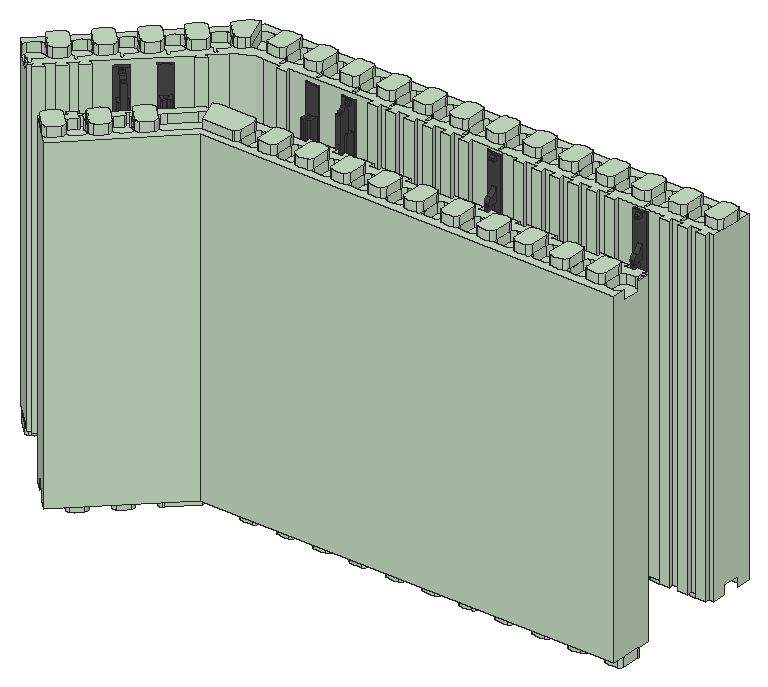
Revit family (continued)
Definition of nested family "NUDURA Diamond Pattern Missing Two Lines"
  Lines and regions (mm)
    model lines
      curve 114: arc (105.934, -142.875, 185.465) -> (101.444, -142.875, 187.325) -> (96.953, -142.875, 185.465) r 6.35
      curve 115: line (96.953, -142.875, 185.465) -> (87.428, -142.875, 175.94)
      curve 116: arc (87.428, -142.875, 175.94) -> (85.569, -142.875, 171.45) -> (87.428, -142.875, 166.96) r 6.35
      curve 117: line (87.428, -142.875, 166.96) -> (96.953, -142.875, 157.435)
      curve 118: arc (96.953, -142.875, 157.435) -> (101.444, -142.875, 155.575) -> (105.934, -142.875, 157.435) r 6.35
      curve 119: line (105.934, -142.875, 157.435) -> (115.459, -142.875, 166.96)
      curve 120: arc (115.459, -142.875, 166.96) -> (117.319, -142.875, 171.45) -> (115.459, -142.875, 175.94) r 6.35
      curve 121: line (115.459, -142.875, 175.94) -> (105.934, -142.875, 185.465)
      curve 122: arc (93.906, -142.875, 148.808) -> (95.394, -142.875, 152.4) -> (93.906, -142.875, 155.992) r 5.08
      curve 123: line (117.704, -142.875, 140.085) -> (108.981, -142.875, 148.808)
      curve 124: arc (117.704, -142.875, 126.615) -> (120.494, -142.875, 133.35) -> (117.704, -142.875, 140.085) r 9.525
      curve 125: line (108.981, -142.875, 117.892) -> (117.704, -142.875, 126.615)
      curve 126: line (85.183, -142.875, 126.615) -> (93.906, -142.875, 117.892)
      curve 127: arc (85.183, -142.875, 140.085) -> (82.394, -142.875, 133.35) -> (85.183, -142.875, 126.615) r 9.525
      curve 128: line (93.906, -142.875, 148.808) -> (85.183, -142.875, 140.085)
      curve 129: arc (105.934, -142.875, 147.365) -> (101.444, -142.875, 149.225) -> (96.953, -142.875, 147.365) r 6.35
      curve 130: line (96.953, -142.875, 147.365) -> (87.428, -142.875, 137.84)
      curve 131: arc (87.428, -142.875, 137.84) -> (85.569, -142.875, 133.35) -> (87.428, -142.875, 128.86) r 6.35
      curve 132: line (87.428, -142.875, 128.86) -> (96.953, -142.875, 119.335)
      curve 133: arc (96.953, -142.875, 119.335) -> (101.444, -142.875, 117.475) -> (105.934, -142.875, 119.335) r 6.35
      curve 134: line (105.934, -142.875, 119.335) -> (115.459, -142.875, 128.86)
      curve 135: arc (115.459, -142.875, 128.86) -> (117.319, -142.875, 133.35) -> (115.459, -142.875, 137.84) r 6.35
      curve 136: line (115.459, -142.875, 137.84) -> (105.934, -142.875, 147.365)
      curve 137: arc (93.906, -142.875, 110.708) -> (95.394, -142.875, 114.3) -> (93.906, -142.875, 117.892) r 5.08
      curve 138: line (117.704, -142.875, 101.985) -> (108.981, -142.875, 110.708)
      curve 139: arc (117.704, -142.875, 88.515) -> (120.494, -142.875, 95.25) -> (117.704, -142.875, 101.985) r 9.525
      curve 140: line (108.981, -142.875, 79.792) -> (117.704, -142.875, 88.515)
      curve 141: line (85.183, -142.875, 88.515) -> (93.906, -142.875, 79.792)
      curve 142: arc (85.183, -142.875, 101.985) -> (82.394, -142.875, 95.25) -> (85.183, -142.875, 88.515) r 9.525
      curve 143: line (93.906, -142.875, 110.708) -> (85.183, -142.875, 101.985)
      curve 144: arc (105.934, -142.875, 109.265) -> (101.444, -142.875, 111.125) -> (96.953, -142.875, 109.265) r 6.35
      curve 145: line (96.953, -142.875, 109.265) -> (87.428, -142.875, 99.74)
      curve 146: arc (87.428, -142.875, 99.74) -> (85.569, -142.875, 95.25) -> (87.428, -142.875, 90.76) r 6.35
      curve 147: line (87.428, -142.875, 90.76) -> (96.953, -142.875, 81.235)
      curve 148: arc (96.953, -142.875, 81.235) -> (101.444, -142.875, 79.375) -> (105.934, -142.875, 81.235) r 6.35
      curve 149: line (105.934, -142.875, 81.235) -> (115.459, -142.875, 90.76)
      curve 150: arc (115.459, -142.875, 90.76) -> (117.319, -142.875, 95.25) -> (115.459, -142.875, 99.74) r 6.35
      curve 151: line (115.459, -142.875, 99.74) -> (105.934, -142.875, 109.265)
      curve 152: arc (93.906, -142.875, 72.608) -> (95.394, -142.875, 76.2) -> (93.906, -142.875, 79.792) r 5.08
      curve 153: line (117.704, -142.875, 63.885) -> (108.981, -142.875, 72.608)
      curve 154: arc (117.704, -142.875, 50.415) -> (120.494, -142.875, 57.15) -> (117.704, -142.875, 63.885) r 9.525
      curve 155: line (108.981, -142.875, 41.692) -> (117.704, -142.875, 50.415)
      curve 156: line (85.183, -142.875, 50.415) -> (93.906, -142.875, 41.692)
      curve 157: arc (85.183, -142.875, 63.885) -> (82.394, -142.875, 57.15) -> (85.183, -142.875, 50.415) r 9.525
      curve 158: line (93.906, -142.875, 72.608) -> (85.183, -142.875, 63.885)
      curve 159: arc (105.934, -142.875, 71.165) -> (101.444, -142.875, 73.025) -> (96.953, -142.875, 71.165) r 6.35
      curve 160: line (96.953, -142.875, 71.165) -> (87.428, -142.875, 61.64)
      curve 161: arc (87.428, -142.875, 61.64) -> (85.569, -142.875, 57.15) -> (87.428, -142.875, 52.66) r 6.35
      curve 162: line (87.428, -142.875, 52.66) -> (96.953, -142.875, 43.135)
      curve 163: arc (96.953, -142.875, 43.135) -> (101.444, -142.875, 41.275) -> (105.934, -142.875, 43.135) r 6.35
      curve 164: line (105.934, -142.875, 43.135) -> (115.459, -142.875, 52.66)
      curve 165: arc (115.459, -142.875, 52.66) -> (117.319, -142.875, 57.15) -> (115.459, -142.875, 61.64) r 6.35
      curve 166: line (115.459, -142.875, 61.64) -> (105.934, -142.875, 71.165)
      curve 167: arc (93.906, -142.875, 34.508) -> (95.394, -142.875, 38.1) -> (93.906, -142.875, 41.692) r 5.08
      curve 168: line (93.906, -142.875, 34.508) -> (85.183, -142.875, 25.785)
      curve 169: arc (85.183, -142.875, 25.785) -> (82.394, -142.875, 19.05) -> (85.183, -142.875, 12.315) r 9.525
      curve 170: line (85.183, -142.875, 12.315) -> (94.708, -142.875, 2.79)
      curve 171: arc (94.708, -142.875, 2.79) -> (101.444, -142.875, 0) -> (108.179, -142.875, 2.79) r 9.525
      curve 172: line (108.179, -142.875, 2.79) -> (117.704, -142.875, 12.315)
      curve 173: arc (117.704, -142.875, 12.315) -> (120.494, -142.875, 19.05) -> (117.704, -142.875, 25.785) r 9.525
      curve 174: line (117.704, -142.875, 25.785) -> (108.981, -142.875, 34.508)
      curve 175: arc (108.981, -142.875, 41.692) -> (107.493, -142.875, 38.1) -> (108.981, -142.875, 34.508) r 5.08
      curve 176: arc (105.934, -142.875, 33.065) -> (101.444, -142.875, 34.925) -> (96.953, -142.875, 33.065) r 6.35
      curve 177: line (115.459, -142.875, 23.54) -> (105.934, -142.875, 33.065)
      curve 178: arc (115.459, -142.875, 14.56) -> (117.319, -142.875, 19.05) -> (115.459, -142.875, 23.54) r 6.35
      curve 179: line (105.934, -142.875, 5.035) -> (115.459, -142.875, 14.56)
      curve 180: arc (96.953, -142.875, 5.035) -> (101.444, -142.875, 3.175) -> (105.934, -142.875, 5.035) r 6.35
      curve 181: line (87.428, -142.875, 14.56) -> (96.953, -142.875, 5.035)
      curve 182: arc (87.428, -142.875, 23.54) -> (85.569, -142.875, 19.05) -> (87.428, -142.875, 14.56) r 6.35
      curve 183: line (96.953, -142.875, 33.065) -> (87.428, -142.875, 23.54)
      curve 184: arc (108.981, -142.875, 79.792) -> (107.493, -142.875, 76.2) -> (108.981, -142.875, 72.608) r 5.08
      curve 185: arc (108.981, -142.875, 117.892) -> (107.493, -142.875, 114.3) -> (108.981, -142.875, 110.708) r 5.08
      curve 186: arc (108.981, -142.875, 155.992) -> (107.493, -142.875, 152.4) -> (108.981, -142.875, 148.808) r 5.08
      curve 187: arc (108.981, -142.875, 194.092) -> (107.493, -142.875, 190.5) -> (108.981, -142.875, 186.908) r 5.08
      curve 188: arc (108.981, -142.875, 232.192) -> (107.493, -142.875, 228.6) -> (108.981, -142.875, 225.008) r 5.08
      curve 189: arc (108.981, -142.875, 270.292) -> (107.493, -142.875, 266.7) -> (108.981, -142.875, 263.108) r 5.08
      curve 190: arc (108.981, -142.875, 308.392) -> (107.493, -142.875, 304.8) -> (108.981, -142.875, 301.208) r 5.08
      curve 191: arc (108.981, -142.875, 346.492) -> (107.493, -142.875, 342.9) -> (108.981, -142.875, 339.308) r 5.08
      curve 192: arc (108.981, -142.875, 384.592) -> (107.493, -142.875, 381) -> (108.981, -142.875, 377.408) r 5.08
      curve 193: arc (108.981, -142.875, 422.692) -> (107.493, -142.875, 419.1) -> (108.981, -142.875, 415.508) r 5.08
Definition of nested family "NUDURA Logo Diamond with No Outside Lines"
  Reference planes
    plane 1 "Center (Front/Back)": y = 0
    plane 2: z = 0
    plane 3 "Center (Left/Right)": x = 0
  Lines and regions (mm)
    model lines
      curve 1: line (320.001, 0, 444.526) -> (311.021, 0, 453.507)
      curve 2: line (313.973, 0, 425.925) -> (320.001, 0, 431.954)
      curve 3: line (320.001, 0, 406.426) -> (313.973, 0, 412.455)
      curve 4: line (313.973, 0, 387.825) -> (320.001, 0, 393.854)
      curve 5: line (320.001, 0, 368.326) -> (313.973, 0, 374.355)
      curve 6: line (313.973, 0, 349.725) -> (320.001, 0, 355.754)
      curve 7: line (309.225, 0, 337.411) -> (322.887, 0, 323.749)
      curve 8: line (322.887, 0, 323.749) -> (324.683, 0, 325.545)
      curve 9: line (286.583, 0, 323.749) -> (300.245, 0, 337.411)
      curve 10: line (295.497, 0, 336.255) -> (284.787, 0, 325.545)
      curve 11: line (289.468, 0, 355.754) -> (295.497, 0, 349.725)
      curve 12: line (295.497, 0, 374.355) -> (289.468, 0, 368.326)
      curve 13: line (289.468, 0, 393.854) -> (295.497, 0, 387.825)
      curve 14: line (295.497, 0, 412.455) -> (289.468, 0, 406.426)
      curve 15: line (289.468, 0, 431.954) -> (295.497, 0, 425.925)
      curve 16: line (298.449, 0, 453.507) -> (289.468, 0, 444.526)
      curve 17: line (300.245, 0, 451.711) -> (291.265, 0, 442.73)
      curve 18: line (318.205, 0, 442.73) -> (309.225, 0, 451.711)
      curve 19: line (309.225, 0, 424.77) -> (318.205, 0, 433.75)
      curve 20: line (291.265, 0, 433.75) -> (300.245, 0, 424.77)
      curve 21: arc (289.468, 0, 444.526) -> (286.865, 0, 438.24) -> (289.468, 0, 431.954) r 8.89
      curve 22: arc (298.449, 0, 453.507) -> (304.735, 0, 456.111) -> (311.021, 0, 453.507) r 8.89
      curve 23: arc (291.265, 0, 442.73) -> (289.405, 0, 438.24) -> (291.265, 0, 433.75) r 6.35
      curve 24: arc (318.205, 0, 442.73) -> (320.065, 0, 438.24) -> (318.205, 0, 433.75) r 6.35
      curve 25: arc (309.225, 0, 424.77) -> (304.735, 0, 422.91) -> (300.245, 0, 424.77) r 6.35
      curve 26: arc (300.245, 0, 451.711) -> (304.735, 0, 453.571) -> (309.225, 0, 451.711) r 6.35
      curve 27: arc (320.001, 0, 444.526) -> (322.605, 0, 438.24) -> (320.001, 0, 431.954) r 8.89
      curve 28: arc (295.497, 0, 425.925) -> (298.287, 0, 419.19) -> (295.497, 0, 412.455) r 9.525
      curve 29: arc (313.973, 0, 425.925) -> (311.183, 0, 419.19) -> (313.973, 0, 412.455) r 9.525
      curve 30: line (313.973, 0, 387.825) -> (320.001, 0, 393.854)
      curve 31: line (289.468, 0, 393.854) -> (295.497, 0, 387.825)
      curve 32: line (300.245, 0, 413.611) -> (291.265, 0, 404.63)
      curve 33: line (318.205, 0, 404.63) -> (309.225, 0, 413.611)
      curve 34: line (309.225, 0, 386.67) -> (318.205, 0, 395.65)
      curve 35: line (291.265, 0, 395.65) -> (300.245, 0, 386.67)
      curve 36: arc (289.468, 0, 406.426) -> (286.865, 0, 400.14) -> (289.468, 0, 393.854) r 8.89
      curve 37: arc (291.265, 0, 404.63) -> (289.405, 0, 400.14) -> (291.265, 0, 395.65) r 6.35
      curve 38: arc (318.205, 0, 404.63) -> (320.065, 0, 400.14) -> (318.205, 0, 395.65) r 6.35
      curve 39: arc (309.225, 0, 386.67) -> (304.735, 0, 384.81) -> (300.245, 0, 386.67) r 6.35
      curve 40: arc (300.245, 0, 413.611) -> (304.735, 0, 415.471) -> (309.225, 0, 413.611) r 6.35
      curve 41: arc (320.001, 0, 406.426) -> (322.605, 0, 400.14) -> (320.001, 0, 393.854) r 8.89
      curve 42: line (295.497, 0, 412.455) -> (289.468, 0, 406.426)
      curve 43: line (320.001, 0, 406.426) -> (313.973, 0, 412.455)
      curve 44: arc (295.497, 0, 387.825) -> (298.287, 0, 381.09) -> (295.497, 0, 374.355) r 9.525
      curve 45: arc (313.973, 0, 387.825) -> (311.183, 0, 381.09) -> (313.973, 0, 374.355) r 9.525
      curve 46: line (313.973, 0, 349.725) -> (320.001, 0, 355.754)
      curve 47: line (289.468, 0, 355.754) -> (295.497, 0, 349.725)
      curve 48: line (300.245, 0, 375.511) -> (291.265, 0, 366.53)
      curve 49: line (318.205, 0, 366.53) -> (309.225, 0, 375.511)
      curve 50: line (309.225, 0, 348.57) -> (318.205, 0, 357.55)
      curve 51: line (291.265, 0, 357.55) -> (300.245, 0, 348.57)
      curve 52: arc (289.468, 0, 368.326) -> (286.865, 0, 362.04) -> (289.468, 0, 355.754) r 8.89
      curve 53: arc (291.265, 0, 366.53) -> (289.405, 0, 362.04) -> (291.265, 0, 357.55) r 6.35
      curve 54: arc (318.205, 0, 366.53) -> (320.065, 0, 362.04) -> (318.205, 0, 357.55) r 6.35
      curve 55: arc (309.225, 0, 348.57) -> (304.735, 0, 346.71) -> (300.245, 0, 348.57) r 6.35
      curve 56: arc (300.245, 0, 375.511) -> (304.735, 0, 377.371) -> (309.225, 0, 375.511) r 6.35
      curve 57: arc (320.001, 0, 368.326) -> (322.605, 0, 362.04) -> (320.001, 0, 355.754) r 8.89
      curve 58: line (295.497, 0, 374.355) -> (289.468, 0, 368.326)
      curve 59: arc (295.497, 0, 349.725) -> (298.287, 0, 342.99) -> (295.497, 0, 336.255) r 9.525
      curve 60: arc (313.973, 0, 349.725) -> (311.183, 0, 342.99) -> (313.973, 0, 336.255) r 9.525
      curve 61: line (324.683, 0, 325.545) -> (313.973, 0, 336.255)
      curve 62: line (284.787, 0, 325.545) -> (286.583, 0, 323.749)
      curve 63: arc (300.245, 0, 337.411) -> (304.735, 0, 339.271) -> (309.225, 0, 337.411) r 6.35
      curve 64: line (320.001, 0, 12.854) -> (311.021, 0, 3.874)
      curve 65: line (313.973, 0, 31.455) -> (320.001, 0, 25.426)
      curve 66: line (320.001, 0, 50.954) -> (313.973, 0, 44.925)
      curve 67: line (313.973, 0, 69.555) -> (320.001, 0, 63.526)
      curve 68: line (320.001, 0, 89.054) -> (313.973, 0, 83.025)
      curve 69: line (313.973, 0, 107.655) -> (320.001, 0, 101.626)
      curve 70: line (309.225, 0, 119.97) -> (322.887, 0, 133.632)
      curve 71: line (322.887, 0, 133.632) -> (324.683, 0, 131.836)
      curve 72: line (286.583, 0, 133.632) -> (300.245, 0, 119.97)
      curve 73: line (295.497, 0, 121.125) -> (284.787, 0, 131.836)
      curve 74: line (289.468, 0, 101.626) -> (295.497, 0, 107.655)
      curve 75: line (295.497, 0, 83.025) -> (289.468, 0, 89.054)
      curve 76: line (289.468, 0, 63.526) -> (295.497, 0, 69.555)
      curve 77: line (295.497, 0, 44.925) -> (289.468, 0, 50.954)
      curve 78: line (289.468, 0, 25.426) -> (295.497, 0, 31.455)
      curve 79: line (298.449, 0, 3.874) -> (289.468, 0, 12.854)
      curve 80: line (300.245, 0, 5.67) -> (291.265, 0, 14.65)
      curve 81: line (318.205, 0, 14.65) -> (309.225, 0, 5.67)
      curve 82: line (309.225, 0, 32.611) -> (318.205, 0, 23.63)
      curve 83: line (291.265, 0, 23.63) -> (300.245, 0, 32.611)
      curve 84: arc (289.468, 0, 12.854) -> (286.865, 0, 19.14) -> (289.468, 0, 25.426) r 8.89
      curve 85: arc (298.449, 0, 3.874) -> (304.735, 0, 1.27) -> (311.021, 0, 3.874) r 8.89
      curve 86: arc (291.265, 0, 14.65) -> (289.405, 0, 19.14) -> (291.265, 0, 23.63) r 6.35
      curve 87: arc (318.205, 0, 14.65) -> (320.065, 0, 19.14) -> (318.205, 0, 23.63) r 6.35
      curve 88: arc (309.225, 0, 32.611) -> (304.735, 0, 34.471) -> (300.245, 0, 32.611) r 6.35
      curve 89: arc (300.245, 0, 5.67) -> (304.735, 0, 3.81) -> (309.225, 0, 5.67) r 6.35
      curve 90: arc (320.001, 0, 12.854) -> (322.605, 0, 19.14) -> (320.001, 0, 25.426) r 8.89
      curve 91: arc (295.497, 0, 31.455) -> (298.287, 0, 38.19) -> (295.497, 0, 44.925) r 9.525
      curve 92: arc (313.973, 0, 31.455) -> (311.183, 0, 38.19) -> (313.973, 0, 44.925) r 9.525
      curve 93: line (313.973, 0, 69.555) -> (320.001, 0, 63.526)
      curve 94: line (289.468, 0, 63.526) -> (295.497, 0, 69.555)
      curve 95: line (300.245, 0, 43.77) -> (291.265, 0, 52.75)
      curve 96: line (318.205, 0, 52.75) -> (309.225, 0, 43.77)
      curve 97: line (309.225, 0, 70.711) -> (318.205, 0, 61.73)
      curve 98: line (291.265, 0, 61.73) -> (300.245, 0, 70.711)
      curve 99: arc (289.468, 0, 50.954) -> (286.865, 0, 57.24) -> (289.468, 0, 63.526) r 8.89
      curve 100: arc (291.265, 0, 52.75) -> (289.405, 0, 57.24) -> (291.265, 0, 61.73) r 6.35
      curve 101: arc (318.205, 0, 52.75) -> (320.065, 0, 57.24) -> (318.205, 0, 61.73) r 6.35
      curve 102: arc (309.225, 0, 70.711) -> (304.735, 0, 72.571) -> (300.245, 0, 70.711) r 6.35
      curve 103: arc (300.245, 0, 43.77) -> (304.735, 0, 41.91) -> (309.225, 0, 43.77) r 6.35
      curve 104: arc (320.001, 0, 50.954) -> (322.605, 0, 57.24) -> (320.001, 0, 63.526) r 8.89
      curve 105: line (295.497, 0, 44.925) -> (289.468, 0, 50.954)
      curve 106: line (320.001, 0, 50.954) -> (313.973, 0, 44.925)
      curve 107: arc (295.497, 0, 69.555) -> (298.287, 0, 76.29) -> (295.497, 0, 83.025) r 9.525
      curve 108: arc (313.973, 0, 69.555) -> (311.183, 0, 76.29) -> (313.973, 0, 83.025) r 9.525
      curve 109: line (313.973, 0, 107.655) -> (320.001, 0, 101.626)
      curve 110: line (289.468, 0, 101.626) -> (295.497, 0, 107.655)
      curve 111: line (300.245, 0, 81.87) -> (291.265, 0, 90.85)
      curve 112: line (318.205, 0, 90.85) -> (309.225, 0, 81.87)
      curve 113: line (309.225, 0, 108.811) -> (318.205, 0, 99.83)
      curve 114: line (291.265, 0, 99.83) -> (300.245, 0, 108.811)
      curve 115: arc (289.468, 0, 89.054) -> (286.865, 0, 95.34) -> (289.468, 0, 101.626) r 8.89
      curve 116: arc (291.265, 0, 90.85) -> (289.405, 0, 95.34) -> (291.265, 0, 99.83) r 6.35
      curve 117: arc (318.205, 0, 90.85) -> (320.065, 0, 95.34) -> (318.205, 0, 99.83) r 6.35
      curve 118: arc (309.225, 0, 108.811) -> (304.735, 0, 110.671) -> (300.245, 0, 108.811) r 6.35
      curve 119: arc (300.245, 0, 81.87) -> (304.735, 0, 80.01) -> (309.225, 0, 81.87) r 6.35
      curve 120: arc (320.001, 0, 89.054) -> (322.605, 0, 95.34) -> (320.001, 0, 101.626) r 8.89
      curve 121: line (295.497, 0, 83.025) -> (289.468, 0, 89.054)
      curve 122: arc (295.497, 0, 107.655) -> (298.287, 0, 114.39) -> (295.497, 0, 121.125) r 9.525
      curve 123: arc (313.973, 0, 107.655) -> (311.183, 0, 114.39) -> (313.973, 0, 121.125) r 9.525
      curve 124: line (324.683, 0, 131.836) -> (313.973, 0, 121.125)
      curve 125: line (284.787, 0, 131.836) -> (286.583, 0, 133.632)
      curve 126: arc (300.245, 0, 119.97) -> (304.735, 0, 118.11) -> (309.225, 0, 119.97) r 6.35
      curve 127: line (314.26, 0, 317.59) -> (295.21, 0, 317.59)
      curve 128: line (323.785, 0, 149.315) -> (323.785, 0, 308.065)
      curve 129: line (285.685, 0, 308.065) -> (285.685, 0, 149.315)
      curve 130: line (295.21, 0, 139.79) -> (314.26, 0, 139.79)
      curve 131: line (316.797, 0, 304.89) -> (305.798, 0, 311.24)
      curve 132: line (316.797, 0, 292.19) -> (316.797, 0, 304.89)
      curve 133: line (311.298, 0, 289.015) -> (316.797, 0, 292.19)
      curve 134: line (305.373, 0, 292.436) -> (311.298, 0, 289.015)
      curve 135: line (310.447, 0, 295.365) -> (305.373, 0, 292.436)
      curve 136: line (299.874, 0, 307.82) -> (310.447, 0, 301.715)
      curve 137: line (310.447, 0, 301.715) -> (310.447, 0, 295.365)
      curve 138: line (305.798, 0, 311.24) -> (299.874, 0, 307.82)
      curve 139: line (299.023, 0, 295.611) -> (304.097, 0, 298.54)
      curve 140: line (304.097, 0, 298.54) -> (298.172, 0, 301.961)
      curve 141: line (298.172, 0, 301.961) -> (292.673, 0, 298.786)
      curve 142: line (292.673, 0, 298.786) -> (292.673, 0, 286.086)
      curve 143: line (299.023, 0, 289.261) -> (299.023, 0, 295.611)
      curve 144: line (309.596, 0, 283.156) -> (299.023, 0, 289.261)
      curve 145: line (303.671, 0, 279.736) -> (309.596, 0, 283.156)
      curve 146: line (292.673, 0, 286.086) -> (303.671, 0, 279.736)
      curve 147: line (312.702, 0, 269.344) -> (296.768, 0, 272.912)
      curve 148: line (296.768, 0, 272.912) -> (296.768, 0, 267.036)
      curve 149: line (296.768, 0, 267.036) -> (308.089, 0, 264.517)
      curve 150: line (308.089, 0, 264.517) -> (296.768, 0, 260.949)
      curve 151: line (296.768, 0, 260.949) -> (296.768, 0, 251.084)
      curve 152: line (296.768, 0, 251.084) -> (309.138, 0, 248.314)
      curve 153: line (309.138, 0, 248.314) -> (309.138, 0, 247.516)
      curve 154: line (309.138, 0, 247.516) -> (301.281, 0, 248.991)
      curve 155: line (296.768, 0, 245.246) -> (296.768, 0, 237.71)
      curve 156: line (306.598, 0, 222.094) -> (306.598, 0, 228.599)
      curve 157: line (306.598, 0, 228.599) -> (296.768, 0, 230.786)
      curve 158: line (296.768, 0, 230.786) -> (296.768, 0, 215.343)
      curve 159: line (302.723, 0, 230.274) -> (312.702, 0, 228.039)
      curve 160: line (300.341, 0, 217.291) -> (300.341, 0, 223.486)
      curve 161: line (300.341, 0, 223.486) -> (306.598, 0, 222.094)
      curve 162: line (296.768, 0, 205.027) -> (296.768, 0, 197.49)
      curve 163: line (302.723, 0, 190.055) -> (310.162, 0, 188.389)
      curve 164: line (310.162, 0, 188.389) -> (310.162, 0, 176.633)
      curve 165: line (308.892, 0, 175.363) -> (307.868, 0, 175.363)
      curve 166: line (306.598, 0, 176.633) -> (306.598, 0, 180.004)
      curve 167: line (306.598, 0, 180.004) -> (307.868, 0, 179.719)
      curve 168: line (307.868, 0, 179.719) -> (307.868, 0, 186.3)
      curve 169: line (307.868, 0, 186.3) -> (296.768, 0, 188.785)
      curve 170: line (296.768, 0, 188.785) -> (296.768, 0, 182.205)
      curve 171: line (296.768, 0, 182.205) -> (304.058, 0, 180.572)
      curve 172: line (304.058, 0, 180.572) -> (304.058, 0, 177.654)
      curve 173: line (302.788, 0, 176.384) -> (296.768, 0, 176.384)
      curve 174: line (296.768, 0, 176.384) -> (296.768, 0, 164.003)
      curve 175: line (296.768, 0, 164.003) -> (299.284, 0, 162.219)
      curve 176: line (299.284, 0, 162.219) -> (299.284, 0, 153.715)
      curve 177: line (307.942, 0, 156.079) -> (301.824, 0, 160.418)
      curve 178: line (301.824, 0, 160.418) -> (301.824, 0, 154.409)
      curve 179: line (301.824, 0, 154.409) -> (307.942, 0, 156.079)
      curve 180: line (299.284, 0, 153.715) -> (296.768, 0, 153.028)
      curve 181: line (296.768, 0, 153.028) -> (296.768, 0, 146.14)
      curve 182: line (296.768, 0, 146.14) -> (312.702, 0, 150.491)
      curve 183: line (312.702, 0, 150.491) -> (312.702, 0, 159.713)
      curve 184: line (312.702, 0, 159.713) -> (298.767, 0, 169.594)
      curve 185: line (298.767, 0, 169.594) -> (302.342, 0, 169.594)
      curve 186: line (312.702, 0, 172.383) -> (312.702, 0, 193.945)
      curve 187: line (312.702, 0, 193.945) -> (302.326, 0, 196.268)
      curve 188: line (300.341, 0, 198.747) -> (300.341, 0, 201.381)
      curve 189: line (301.888, 0, 202.62) -> (312.702, 0, 200.199)
      curve 190: line (312.702, 0, 200.199) -> (312.702, 0, 206.628)
      curve 191: line (312.702, 0, 206.628) -> (306.843, 0, 207.728)
      curve 192: line (312.702, 0, 212.942) -> (312.702, 0, 227.241)
      curve 193: line (312.702, 0, 227.241) -> (309.138, 0, 228.034)
      curve 194: line (309.138, 0, 228.034) -> (309.138, 0, 217.291)
      curve 195: line (312.702, 0, 228.039) -> (312.702, 0, 234.164)
      curve 196: line (312.702, 0, 234.164) -> (302.326, 0, 236.488)
      curve 197: line (300.341, 0, 238.966) -> (300.341, 0, 241.6)
      curve 198: line (301.736, 0, 242.874) -> (312.702, 0, 240.418)
      curve 199: line (312.702, 0, 240.418) -> (312.702, 0, 253.611)
      curve 200: line (312.702, 0, 253.611) -> (302.429, 0, 255.912)
      curve 201: line (302.429, 0, 255.912) -> (312.702, 0, 259.27)
      curve 202: line (312.702, 0, 259.27) -> (312.702, 0, 269.344)
      curve 203: arc (296.768, 0, 245.246) -> (298.145, 0, 248.178) -> (301.281, 0, 248.991) r 3.81
      curve 204: arc (296.768, 0, 237.71) -> (298.44, 0, 232.946) -> (302.723, 0, 230.274) r 7.62
      curve 205: arc (300.842, 0, 208.826) -> (297.87, 0, 211.5) -> (296.768, 0, 215.343) r 7.251
      curve 206: arc (296.768, 0, 205.027) -> (297.979, 0, 207.812) -> (300.842, 0, 208.826) r 3.808
      curve 207: arc (296.768, 0, 197.49) -> (298.44, 0, 192.727) -> (302.723, 0, 190.055) r 7.62
      curve 208: arc (300.341, 0, 198.747) -> (300.898, 0, 197.159) -> (302.326, 0, 196.268) r 2.54
      curve 209: arc (300.341, 0, 201.381) -> (300.817, 0, 202.372) -> (301.888, 0, 202.62) r 1.27
      curve 210: arc (307.868, 0, 175.363) -> (306.969, 0, 175.735) -> (306.598, 0, 176.633) r 1.27
      curve 211: arc (308.892, 0, 175.363) -> (309.79, 0, 175.735) -> (310.162, 0, 176.633) r 1.27
      curve 212: arc (304.058, 0, 177.654) -> (303.686, 0, 176.756) -> (302.788, 0, 176.384) r 1.27
      curve 213: arc (302.342, 0, 169.594) -> (303.976, 0, 170.198) -> (304.826, 0, 171.718) r 2.516
      curve 214: arc (304.826, 0, 171.718) -> (309.07, 0, 168.432) -> (312.702, 0, 172.383) r 3.966
      curve 215: arc (306.843, 0, 207.728) -> (310.942, 0, 209.02) -> (312.702, 0, 212.942) r 5.249
      curve 216: arc (300.341, 0, 217.291) -> (304.739, 0, 212.893) -> (309.138, 0, 217.291) r 4.398
      curve 217: arc (300.341, 0, 238.966) -> (300.898, 0, 237.378) -> (302.326, 0, 236.488) r 2.54
      curve 218: arc (300.341, 0, 241.6) -> (300.886, 0, 242.648) -> (302.057, 0, 242.802) r 1.279
      curve 219: arc (285.685, 0, 308.065) -> (288.475, 0, 314.8) -> (295.21, 0, 317.59) r 9.525
      curve 220: arc (314.26, 0, 317.59) -> (320.995, 0, 314.8) -> (323.785, 0, 308.065) r 9.525
      curve 221: arc (285.685, 0, 149.315) -> (288.475, 0, 142.58) -> (295.21, 0, 139.79) r 9.525
      curve 222: arc (314.26, 0, 139.79) -> (320.995, 0, 142.58) -> (323.785, 0, 149.315) r 9.525
